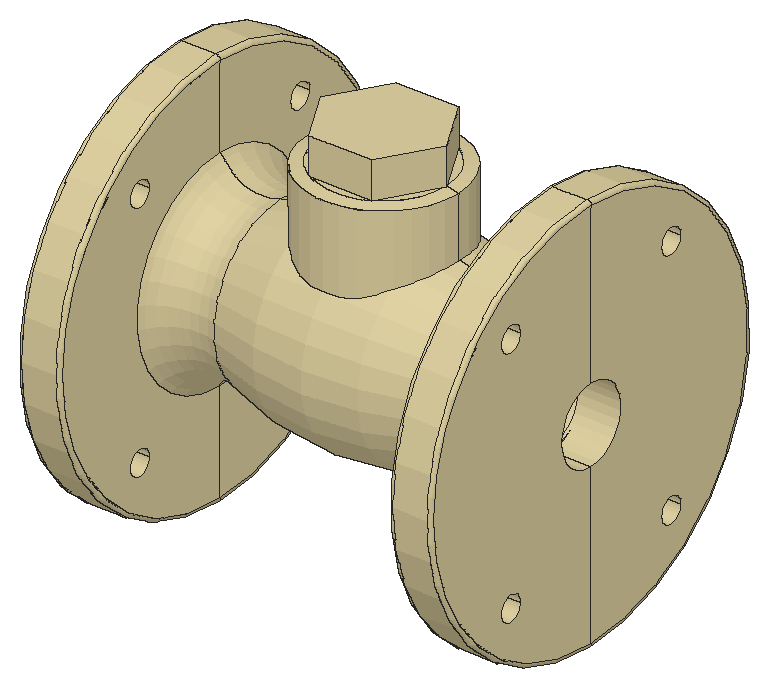
Revit family "DA04180000", category Apparecchi idraulici, Revit 2020
Family settings
  Quota connettore circolare = Usa diametro
  Tipo di parte = Normale
  Numero OmniClass = 23.45.00.00
  Titolo OmniClass = Sanitary, Laundry, and Cleaning Equipment
  Basato su piano di lavoro = No
  Sempre verticale = Sì
  Taglio con vuoti quando caricato = No
  Condiviso = No
  Punto di calcolo locali = No
Parameters
  URL = "https://web.cimberio.com/index.php/figura/13?subcategoria_id=35"
  Temperatura di esercizio = "-10 ÷ 170°C"
  Prospetto di default = 0 mm
  Produttore = "CIMBERIO SPA"
  Pressione nominale = "PN 16"
  Modello = "Cim *77PN10"
  Materiale = "Prodotto in lega di bronzo conforme alla norma EN 1982-CC491K"
  Descrizione = "Utilizzato nei più svariati settori dell'impiantistica in condutture anti-ritorno per: reti di distribuzione acqua potabile, impianti di riscaldamento, condizionamento, igienico-sanitari e distribuzione idrocarburi"
  DN Model [instance] = DA04183110 : DA04183110
  DN [instance] = 15 mm
  Commenti sul tipo = "Realizzato in ottemperanza ai requisiti gestionali della norma EN ISO 9001.\r\nCollaudato al 100% secondo la normativa EN 12266-1"
Reference planes
  plane 1 "Centro (Fronte/Retro)": y = 0
  plane 2: z = 0
  plane 3 "Centro (Sinistra/Destra)": x = 0
Dimensions and locks
  aligned and locked: level to plane 2
Nested families
  nested 1: "DA04183110" at (0, 0, 0), type <- "DN Model", type "DA04183110"
  nested 2: "DA04183110" at (0, 0, 0), type <- "DN Model", type "DA04183110"
  nested 3: "DA04183110" at (0, 0, 0), type <- "DN Model", type "DA04183110"
  nested 4: "DA04183110" at (0, 0, 0), type <- "DN Model", type "DA04183110"
  nested 5: "DA04183110" at (0, 0, 0), type <- "DN Model", type "DA04183110"
  nested 6: "DA04183110" at (0, 0, 0), type <- "DN Model", type "DA04183110"
  nested 7: "DA04183110" at (0, 0, 0), type <- "DN Model", type "DA04183110"
  nested 8: "DA04183110" at (0, 0, 0), type <- "DN Model", type "DA04183110"
  nested 9: "DA04183110" at (0, 0, 0), type <- "DN Model", type "DA04183110"
Connectors
  piping at (41.407, 0, 0), diameter 15, driven by "DN"
    settings: on nested 1, index 1, connector inside diameter 609.6 mm, connector length 0 mm, flow factor 0, pipe flow 0.0 L/s, pressure drop 0.0 Pa, fitting loss kfactor 0, connector angle 0.00°, fixture units 0, engagement length 0 mm, angle of deflection 0.00°, flow configuration 0, flow direction 0, fitting loss method 0, system type 7, joint type 0, gender type 0, connector reference index -1, connector utility 0, adjustable connector no, is connector primary yes, connector description ""
  piping at (-41.232, 0, 0), diameter 15, driven by "DN"
    settings: on nested 1, index 2, connector inside diameter 609.6 mm, connector length 0 mm, flow factor 0, pipe flow 0.0 L/s, pressure drop 0.0 Pa, fitting loss kfactor 0, connector angle 0.00°, fixture units 0, engagement length 0 mm, angle of deflection 0.00°, flow configuration 0, flow direction 0, fitting loss method 0, system type 7, joint type 0, gender type 0, connector reference index -1, connector utility 0, adjustable connector no, is connector primary no, connector description ""
Definition of nested family "DA04183110"
  Parameters (values of type "DA04283110")
    Default Elevation = 0 mm
  Reference planes
    plane 1 "Centro (Fronte/Retro)": y = 0
    plane 2: z = 0
    plane 3 "Centro (Sinistra/Destra)": x = 0
  Forms (mm)
    Revolve 1, solid
      sketch origin (0, 0, 0) x (1, 0, 0) y (0, 0, 1)
        loop
          line (33.343, -7.5) -> (-32.983, -7.5) -> (-32.983, -19.288)
          arc (-32.983, -19.288) -> (-27.734, -14.585) -> (-20.687, -14.614) r 9.811
          arc (-20.687, -14.614) -> (0, -18.5) -> (20.687, -14.614) r 57
          arc (20.687, -14.614) -> (28.136, -14.748) -> (33.343, -20.077) r 9.811
          line (33.343, -20.077) -> (33.343, -7.5)
        axis (-32.983, 2) -> (33.343, 2)
      angle from 0 to 360
    Revolve 2, solid
      sketch origin (0, 0, 0) x (1, 0, 0) y (0, 0, 1)
        loop
          line (-15, 4.172) -> (0, 4.172) -> (0, 32.573) -> (-12.5, 32.573) -> (-15, 32.132) -> (-15, 4.172)
        axis (0, 32.573) -> (0, 4.172)
      angle from 0 to 360
    Extrusion 3, solid
      sketch origin (0, 0, 0) x (0, -1, 0) y (1, 0, 0)
        loop
          line (0, 12.5) -> (-10.825, 6.25) -> (-10.825, -6.25) -> (0, -12.5) -> (10.825, -6.25) -> (10.825, 6.25) -> (0, 12.5)
      from 32.132 to 39.804
    Revolve 4, solid
      sketch origin (-6.732, 0, 0) x (1, 0, 0) y (0, 0, 1)
        loop
          line (-34.5, 39.192) -> (-34.5, 7.5) -> (-26, 7.5) -> (-26, 39.165)
          arc (-26, 39.165) -> (-26.244, 39.756) -> (-26.835, 40) r 0.835
          line (-26.835, 40) -> (-33.692, 40)
          arc (-33.692, 40) -> (-34.263, 39.763) -> (-34.5, 39.192) r 0.808
        axis (-34.5, 0) -> (-26, 0)
      angle from 0 to 360
    Revolve 5, solid
      sketch origin (6.907, 0, 0) x (-1, 0, 0) y (0, 0, 1)
        loop
          line (-34.5, 39.192) -> (-34.5, 7.5) -> (-26, 7.5) -> (-26, 39.165)
          arc (-26, 39.165) -> (-26.244, 39.756) -> (-26.835, 40) r 0.835
          line (-26.835, 40) -> (-33.692, 40)
          arc (-33.692, 40) -> (-34.263, 39.763) -> (-34.5, 39.192) r 0.808
        axis (-34.5, 0) -> (-26, 0)
      angle from 0 to 360
    Extrusion 6, void
      sketch origin (0, 0, 0) x (0, 1, 0) y (0, 0, 1)
        loop
          circle (20, 24.077) r 2.498
        loop
          circle (-20, 24.077) r 2.498
        loop
          circle (20, -24.077) r 2.498
        loop
          circle (-20, -24.077) r 2.498
      from -63.387 to 69.734
  Cuts and joins
    Extrusion 6 cuts Revolve 4
    Extrusion 6 cuts Revolve 5
  Dimensions and locks
    aligned and locked: level to plane 2
